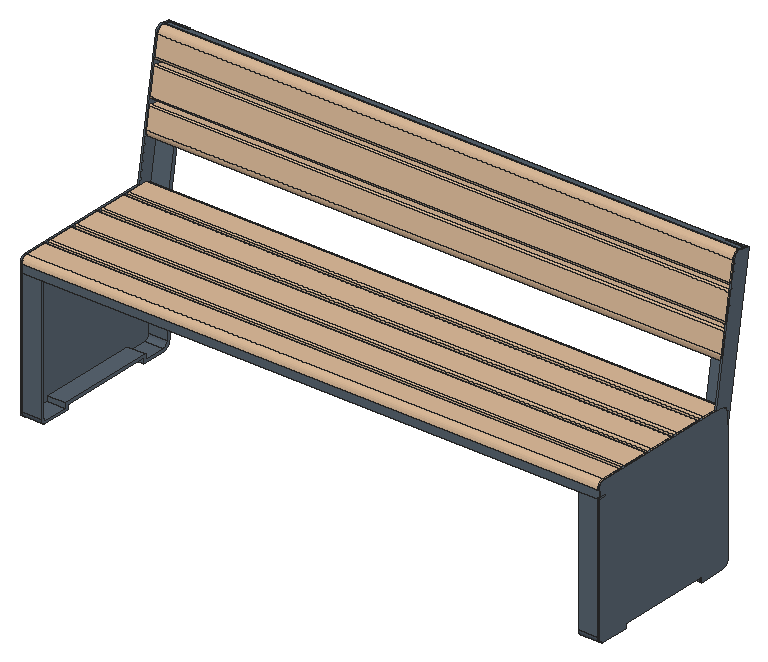
Revit family "product code 61102-S-L", category Meble, Revit 2021
Family settings
  Numer OmniClass = 23.40.20.00
  Tytuł OmniClass = General Furniture and Specialties
  Oparty na płaszczyźnie roboczej = Nie
  Zawsze pionowo = Tak
  Tnij formami wycięć po wczytaniu = Nie
  Współdzielony = Nie
  Punkt obliczania pomieszczeń = Nie
Parameters (values of type "61102-S-L")
  wood = Kobenhagen Wood - Larch
  metal = Kobenhagen RAL 5011
  Width = "58 cm"
  Weight = "80 kg"
  URL = "https://kobenhagen.com/en_US/p/Indre-By-4-person-Bench/203"
  Seat height = "45 cm"
  Product line = "Indre By"
  Product Groups = "Benches"
  Producent = "Lars Laj"
  Keynote = ""
  Opis = "Indre By 4-person Bench"
  Model = "61102-S-L"
  Material = "Larch, stainless steel, powder coated steel"
  Maintenance = "We recommend to examine and tighten all screws and bolt clamps after a few weeks’ use. In order to prevent cracks and to extend the life of the wood, it is recommended that the wood details should be oiled every 3-5 years."
  Lenght = "180 cm"
  Type Comments = ""
  Kobenhagen Materials = "larslaj.com/bim"
  Hosted on larslaj.com = "https://larslaj.com/bim"
  Height = "86 cm"
  Domyślna rzędna = 0 mm
  Copyright = "All designs and drawings are the intellectual property of Lars Laj A/S and are protected by Danish and international copyright laws."
Reference planes
  plane 1 "front": y = 0
  plane 2: z = 0
  plane 3 "Środek (Lewa/Prawa)": x = 0
  plane 4 "left": x = -895
  plane 5 "right": x = 895
  plane 6 "back": y = 575.242
  plane 7: x = -835
  plane 8: x = 835
  plane 9: x = -280.833
  plane 10: x = 285.833
Forms (mm)
  Extrusion 1, solid, material "Kobenhagen Wood - Larch" <- "wood"
    sketch origin (0, -0.031, 21.46) x (0, 1, 0) y (0, 0, 1)
      loop
        arc (260.118, 430.04) -> (256.583, 428.576) -> (255.118, 425.04) r 5
        line (255.118, 425.04) -> (255.118, 388.972)
        arc (255.118, 388.972) -> (255.693, 387.586) -> (257.078, 387.012) r 1.96
        line (257.078, 387.012) -> (342.493, 387.012)
        arc (342.493, 387.012) -> (343.908, 387.598) -> (344.493, 389.012) r 2
        line (344.493, 389.012) -> (344.493, 425.04)
        arc (344.493, 425.04) -> (343.029, 428.576) -> (339.493, 430.04) r 5
        line (339.493, 430.04) -> (260.118, 430.04)
    from -895 to 895
  Extrusion 2, solid, material "Kobenhagen Wood - Larch" <- "wood"
    sketch origin (0, -102.48, 21.46) x (0, 1, 0) y (0, 0, 1)
      loop
        arc (260.118, 430.04) -> (256.583, 428.576) -> (255.118, 425.04) r 5
        line (255.118, 425.04) -> (255.118, 388.972)
        arc (255.118, 388.972) -> (255.693, 387.586) -> (257.078, 387.012) r 1.96
        line (257.078, 387.012) -> (342.493, 387.012)
        arc (342.493, 387.012) -> (343.908, 387.598) -> (344.493, 389.012) r 2
        line (344.493, 389.012) -> (344.493, 425.04)
        arc (344.493, 425.04) -> (343.029, 428.576) -> (339.493, 430.04) r 5
        line (339.493, 430.04) -> (260.118, 430.04)
    from -895 to 895
  Extrusion 3, solid, material "Kobenhagen Wood - Larch" <- "wood"
    sketch origin (0, -204.98, 21.46) x (0, 1, 0) y (0, 0, 1)
      loop
        arc (275.801, 430.04) -> (261.246, 423.784) -> (255.768, 408.918) r 20.061
        line (255.768, 408.918) -> (259.034, 408.918) -> (259.034, 387.013) -> (343.118, 387.013)
        arc (343.118, 387.013) -> (344.532, 387.598) -> (345.117, 389.012) r 1.999
        line (345.117, 389.012) -> (345.117, 425.043)
        arc (345.117, 425.043) -> (343.653, 428.577) -> (340.119, 430.04) r 4.998
        line (340.119, 430.04) -> (275.801, 430.04)
    from -895 to 895
  Extrusion 4, solid, material "Kobenhagen Wood - Larch" <- "wood"
    sketch origin (0, 102.52, 23.25) x (0, 1, 0) y (0, 0, 1)
      loop
        arc (260.118, 428.25) -> (256.583, 426.786) -> (255.118, 423.25) r 5
        line (255.118, 423.25) -> (255.118, 387.182)
        arc (255.118, 387.182) -> (255.693, 385.796) -> (257.078, 385.222) r 1.96
        line (257.078, 385.222) -> (342.493, 385.222)
        arc (342.493, 385.222) -> (343.908, 385.808) -> (344.493, 387.222) r 2
        line (344.493, 387.222) -> (344.493, 423.25)
        arc (344.493, 423.25) -> (343.029, 426.786) -> (339.493, 428.25) r 5
        line (339.493, 428.25) -> (260.118, 428.25)
    from -895 to 895
  Extrusion 5, solid, material "Kobenhagen Wood - Larch" <- "wood"
    sketch origin (0, 943.724, 450.045) x (0, 0.173648, 0.984808) y (0, -0.984808, 0.173648)
      loop
        arc (260.118, 430.036) -> (256.583, 428.571) -> (255.118, 425.036) r 5
        line (255.118, 425.036) -> (255.118, 389.305)
        arc (255.118, 389.305) -> (255.693, 387.919) -> (257.078, 387.345) r 1.96
        line (257.078, 387.345) -> (340.844, 387.345) -> (341.198, 407.626) -> (343.945, 407.626)
        arc (343.945, 407.626) -> (337.497, 423.461) -> (321.714, 430.036) r 22.231
        line (321.714, 430.036) -> (260.118, 430.036)
    from -895 to 895
  Extrusion 6, solid, material "Kobenhagen Wood - Larch" <- "wood"
    sketch origin (0, 925.653, 348.398) x (0, 0.173648, 0.984808) y (0, -0.984808, 0.173648)
      loop
        arc (260.118, 429.703) -> (256.583, 428.239) -> (255.118, 424.703) r 5
        line (255.118, 424.703) -> (255.118, 388.972)
        arc (255.118, 388.972) -> (255.693, 387.586) -> (257.078, 387.012) r 1.96
        line (257.078, 387.012) -> (342.493, 387.012)
        arc (342.493, 387.012) -> (343.908, 387.598) -> (344.493, 389.012) r 2
        line (344.493, 389.012) -> (344.493, 424.703)
        arc (344.493, 424.703) -> (343.029, 428.239) -> (339.493, 429.703) r 5
        line (339.493, 429.703) -> (260.118, 429.703)
    from -895 to 895
  Extrusion 7, solid, material "Kobenhagen RAL 5011" <- "metal", not visible
    sketch origin (0, 0, 0) x (0, 1, 0) y (0, 0, 1)
      loop
        arc (71.187, 451.5) -> (57.045, 445.642) -> (51.187, 431.5) r 20
        line (51.187, 431.5) -> (51.187, 18.231)
        arc (51.187, 18.231) -> (56.527, 5.34) -> (69.418, 0) r 18.231
        line (69.418, 0) -> (153.638, 0) -> (153.638, 15) -> (448.638, 15) -> (448.638, 0) -> (527.023, 0)
        arc (527.023, 0) -> (542.307, 6.331) -> (548.638, 21.615) r 21.615
        line (548.638, 21.615) -> (548.638, 429.407)
        arc (548.638, 429.407) -> (542.168, 445.029) -> (526.545, 451.5) r 22.093
        line (526.545, 451.5) -> (71.187, 451.5)
    from 750.378 to 745
  Extrusion 8, solid, material "Kobenhagen RAL 5011" <- "metal", not visible
    sketch origin (0, 0, 0) x (0, 1, 0) y (0, 0, 1)
      loop
        line (548.638, 396.844) -> (629.375, 854.725) -> (601.836, 859.581)
        arc (601.836, 859.581) -> (585.224, 855.898) -> (576.082, 841.547) r 22.232
        line (576.082, 841.547) -> (507.306, 451.5) -> (526.545, 451.5)
        arc (526.545, 451.5) -> (542.168, 445.029) -> (548.638, 429.407) r 22.093
        line (548.638, 429.407) -> (548.638, 396.844)
    from 745 to 750.378
  Extrusion 9, solid, material "Kobenhagen RAL 5011" <- "metal"
    sketch origin (-150, 0, 0) x (0, -1, 0) y (0, 0, 1)
      loop
        line (-71.187, 451.5) -> (-526.545, 451.5)
        arc (-526.545, 451.5) -> (-542.168, 445.029) -> (-548.638, 429.407) r 22.093
        line (-548.638, 429.407) -> (-548.638, 21.615)
        arc (-548.638, 21.615) -> (-542.307, 6.331) -> (-527.023, 0) r 21.615
        line (-527.023, 0) -> (-448.638, 0) -> (-448.638, 15) -> (-153.638, 15) -> (-153.638, 0) -> (-69.418, 0)
        arc (-69.418, 0) -> (-56.527, 5.34) -> (-51.187, 18.231) r 18.231
        line (-51.187, 18.231) -> (-51.187, 431.5)
        arc (-51.187, 431.5) -> (-57.045, 445.642) -> (-71.187, 451.5) r 20
    from 750.378 to 745
  Extrusion 10, solid, material "Kobenhagen RAL 5011" <- "metal"
    sketch origin (-150, 0, 0) x (0, -1, 0) y (0, 0, 1)
      loop
        line (-548.638, 396.844) -> (-548.638, 429.407)
        arc (-548.638, 429.407) -> (-542.168, 445.029) -> (-526.545, 451.5) r 22.093
        line (-526.545, 451.5) -> (-507.306, 451.5) -> (-576.082, 841.547)
        arc (-576.082, 841.547) -> (-585.224, 855.898) -> (-601.836, 859.581) r 22.232
        line (-601.836, 859.581) -> (-629.375, 854.725) -> (-548.638, 396.844)
    from 745 to 750.378
  Extrusion 11, solid, material "Kobenhagen RAL 5011" <- "metal"
    sketch origin (0, 0, 0) x (0, 1, 0) y (0, 0, 1)
      loop
        line (548.638, 396.844) -> (629.375, 854.725) -> (621.989, 856.027) -> (543.073, 408.472) -> (51.187, 408.472) -> (51.187, 18.763)
        arc (51.187, 18.763) -> (56.683, 5.495) -> (69.95, 0) r 18.763
        line (69.95, 0) -> (153.638, 0) -> (153.638, 15) -> (448.638, 15) -> (448.638, 0) -> (525.342, 0)
        arc (525.342, 0) -> (541.815, 6.823) -> (548.638, 23.296) r 23.296
        line (548.638, 23.296) -> (548.638, 396.844)
      loop
        line (58.687, 400.262) -> (58.687, 18.763)
        arc (58.687, 18.763) -> (61.986, 10.799) -> (69.95, 7.5) r 11.263
        line (69.95, 7.5) -> (146.138, 7.5) -> (146.138, 22.5) -> (456.138, 22.5) -> (456.138, 7.5) -> (525.342, 7.5)
        arc (525.342, 7.5) -> (536.512, 12.127) -> (541.138, 23.296) r 15.796
        line (541.138, 23.296) -> (541.138, 400.262) -> (58.687, 400.262)
    from -895 to -835
  Extrusion 12, solid, material "Kobenhagen RAL 5011" <- "metal"
    sketch origin (0, 0, 0) x (0, 1, 0) y (0, 0, -1)
      loop
        line (548.638, -396.844) -> (548.638, -23.296)
        arc (548.638, -23.296) -> (541.815, -6.823) -> (525.342, 0) r 23.296
        line (525.342, 0) -> (448.638, 0) -> (448.638, -15) -> (153.638, -15) -> (153.638, 0) -> (69.95, 0)
        arc (69.95, 0) -> (56.683, -5.495) -> (51.187, -18.763) r 18.763
        line (51.187, -18.763) -> (51.187, -408.472) -> (543.073, -408.472) -> (621.989, -856.027) -> (629.375, -854.725) -> (548.638, -396.844)
      loop
        line (58.687, -400.262) -> (541.138, -400.262) -> (541.138, -23.296)
        arc (541.138, -23.296) -> (536.512, -12.127) -> (525.342, -7.5) r 15.796
        line (525.342, -7.5) -> (456.138, -7.5) -> (456.138, -22.5) -> (146.138, -22.5) -> (146.138, -7.5) -> (69.95, -7.5)
        arc (69.95, -7.5) -> (61.986, -10.799) -> (58.687, -18.763) r 11.263
        line (58.687, -18.763) -> (58.687, -400.262)
    from -895 to -835
  Extrusion 13, solid, material "Kobenhagen RAL 5011" <- "metal"
    sketch origin (0, -0.382, -0.662) x (0, 1, 0) y (0, 0, 1)
      loop
        line (577.11, 584.716) -> (621.09, 836.761) -> (619.018, 837.143) -> (574.771, 585.11) -> (577.11, 584.716)
      loop
        line (528.698, 409.134) -> (71.282, 409.134) -> (71.282, 406.419) -> (528.698, 406.419) -> (528.698, 409.134)
    from -250.845 to -310.616
  Extrusion 14, solid, material "Kobenhagen RAL 5011" <- "metal"
    sketch origin (150, 0, 0) x (0, 1, 0) y (0, 0, 1)
      loop
        arc (71.187, 451.5) -> (57.045, 445.642) -> (51.187, 431.5) r 20
        line (51.187, 431.5) -> (51.187, 18.231)
        arc (51.187, 18.231) -> (56.527, 5.34) -> (69.418, 0) r 18.231
        line (69.418, 0) -> (153.638, 0) -> (153.638, 15) -> (448.638, 15) -> (448.638, 0) -> (527.023, 0)
        arc (527.023, 0) -> (542.307, 6.331) -> (548.638, 21.615) r 21.615
        line (548.638, 21.615) -> (548.638, 429.407)
        arc (548.638, 429.407) -> (542.168, 445.029) -> (526.545, 451.5) r 22.093
        line (526.545, 451.5) -> (71.187, 451.5)
    from 750.378 to 745
  Extrusion 15, solid, material "Kobenhagen RAL 5011" <- "metal"
    sketch origin (150, 0, 0) x (0, 1, 0) y (0, 0, 1)
      loop
        line (548.638, 396.844) -> (629.375, 854.725) -> (601.836, 859.581)
        arc (601.836, 859.581) -> (585.224, 855.898) -> (576.082, 841.547) r 22.232
        line (576.082, 841.547) -> (507.306, 451.5) -> (526.545, 451.5)
        arc (526.545, 451.5) -> (542.168, 445.029) -> (548.638, 429.407) r 22.093
        line (548.638, 429.407) -> (548.638, 396.844)
    from 745 to 750.378
  Extrusion 16, solid, material "Kobenhagen Wood - Larch" <- "wood"
    sketch origin (0, 803.906, 21.46) x (0, -1, 0) y (0, 0, -1)
      loop
        line (275.801, -430.04) -> (340.119, -430.04)
        arc (340.119, -430.04) -> (343.653, -428.577) -> (345.117, -425.043) r 4.998
        line (345.117, -425.043) -> (345.117, -389.012)
        arc (345.117, -389.012) -> (344.532, -387.598) -> (343.118, -387.013) r 1.999
        line (343.118, -387.013) -> (259.147, -387.013) -> (259.147, -410.827) -> (255.758, -410.827)
        arc (255.758, -410.827) -> (261.919, -424.461) -> (275.801, -430.04) r 20.061
    from -895 to 895
  Extrusion 17, solid, material "Kobenhagen Wood - Larch" <- "wood"
    sketch origin (0, 1012.016, 836.251) x (0, -0.173648, -0.984808) y (0, 0.984808, -0.173648)
      loop
        line (260.118, -430.036) -> (321.714, -430.036)
        arc (321.714, -430.036) -> (337.886, -423.059) -> (343.907, -406.508) r 22.231
        line (343.907, -406.508) -> (341.178, -406.508) -> (340.844, -387.345) -> (257.078, -387.345)
        arc (257.078, -387.345) -> (255.693, -387.919) -> (255.118, -389.305) r 1.96
        line (255.118, -389.305) -> (255.118, -425.036)
        arc (255.118, -425.036) -> (256.583, -428.571) -> (260.118, -430.036) r 5
    from -895 to 895
  Extrusion 18, solid, material "Kobenhagen RAL 5011" <- "metal"
    sketch origin (0, -0.399, 0.115) x (0, 1, 0) y (0, 0, 1)
      loop
        line (624.848, 855.34) -> (602.422, 859.474) -> (601.92, 856.629) -> (621.866, 852.952) -> (618.944, 836.381) -> (621.274, 835.952) -> (624.848, 855.34)
    from -895 to 895
  Extrusion 19, solid, material "Kobenhagen RAL 5011" <- "metal"
    sketch origin (0, 279.002, 1582.051) x (0, 0.939693, -0.34202) y (0, 0.34202, 0.939693)
      loop
        line (624.848, -855.34) -> (621.274, -835.952) -> (618.538, -836.456) -> (621.46, -853.027) -> (604.207, -856.208) -> (604.709, -859.052) -> (624.848, -855.34)
    from -835 to 835
  Extrusion 20, solid, material "Kobenhagen RAL 5011" <- "metal"
    sketch origin (0, 1004.928, 866.387) x (0, -0.179787, -0.983706) y (0, 0.983706, -0.179787)
      loop
        line (624.609, -855.384) -> (621.035, -835.996) -> (618.391, -836.483) -> (621.46, -853.027) -> (600.091, -856.966) -> (600.593, -859.811) -> (624.609, -855.384)
    from -895 to 900.378
  Extrusion 21, solid, material "Kobenhagen RAL 5011" <- "metal"
    sketch origin (0, -405.713, 866.581) x (0, 0.179787, -0.983706) y (0, 0.983706, 0.179787)
      loop
        line (624.848, 855.34) -> (598.794, 860.143) -> (598.292, 857.294) -> (621.602, 853.034) -> (618.571, 836.45) -> (621.274, 835.952) -> (624.848, 855.34)
    from -835 to 835
  Extrusion 22, solid, material "Kobenhagen RAL 5011" <- "metal"
    sketch origin (0, -0.382, -0.662) x (0, 1, 0) y (0, 0, -1)
      loop
        line (577.11, -584.716) -> (574.771, -585.11) -> (619.018, -837.143) -> (621.09, -836.761) -> (577.11, -584.716)
      loop
        line (528.698, -409.134) -> (528.698, -406.419) -> (71.282, -406.419) -> (71.282, -409.134) -> (528.698, -409.134)
    from -250.845 to -310.616
Lines and regions (mm)
  model lines, style "9"
    curve 1: line (-895, -744.003, 0) -> (-895, -750.003, 0)
    curve 2: line (-895, -444.003, 0) -> (-895, -438.003, 0)
Dimensions and locks
  Extrusion 1 sketch curve to Extrusion 1 sketch curve = 89.375 mm
  Extrusion 1 sketch curve to Extrusion 1 sketch curve = 43.028 mm
  Extrusion 2 sketch curve to Extrusion 2 sketch curve = 89.375 mm
  Extrusion 2 sketch curve to Extrusion 2 sketch curve = 43.028 mm
  Extrusion 3 sketch curve to Extrusion 3 sketch curve = 43.028 mm
  Extrusion 4 sketch curve to Extrusion 4 sketch curve = 89.375 mm
  Extrusion 4 sketch curve to Extrusion 4 sketch curve = 43.028 mm
  Extrusion 5 sketch curve to Extrusion 5 sketch curve = 42.691 mm
  Extrusion 6 sketch curve to Extrusion 6 sketch curve = 89.375 mm
  Extrusion 6 sketch curve to Extrusion 6 sketch curve = 42.691 mm
  Extrusion 16 sketch curve to Extrusion 16 sketch curve = 43.028 mm
  Extrusion 17 sketch curve to Extrusion 17 sketch curve = 42.691 mm
  aligned and locked: level to plane 2
  aligned and locked: plane 5 "right" to Extrusion 1
  aligned and locked: Extrusion 1 to plane 4 "left"
  aligned and locked: plane 5 "right" to Extrusion 4
  aligned and locked: plane 5 "right" to Extrusion 2
  aligned and locked: plane 5 "right" to Extrusion 3
  aligned and locked: plane 5 "right" to Extrusion 5
  aligned and locked: plane 5 "right" to Extrusion 6
  aligned and locked: Extrusion 5 to plane 4 "left"
  aligned and locked: Extrusion 6 to plane 4 "left"
  aligned and locked: Extrusion 4 to plane 4 "left"
  aligned and locked: Extrusion 2 to plane 4 "left"
  aligned and locked: Extrusion 3 to plane 4 "left"
  aligned and locked: Extrusion 9 to Extrusion 10
  aligned and locked: plane 4 "left" to Extrusion 9
  aligned and locked: Extrusion 11 to plane 4 "left"
  aligned and locked: plane 7 to Extrusion 11
  aligned and locked: plane 8 to Extrusion 12
  aligned and locked: plane 5 "right" to Extrusion 12
  aligned and locked: Extrusion 14 to Extrusion 15
